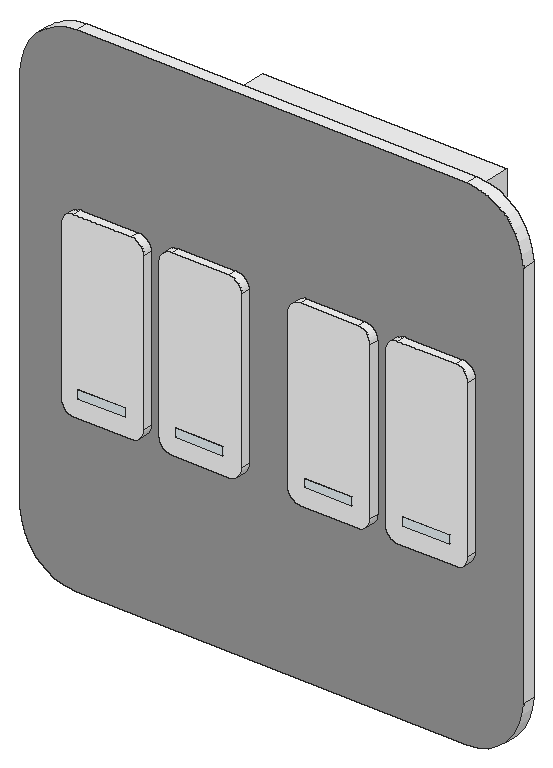
Revit family "EF_Veti-4x4-4-lever-Switch-Vertical", category Electrical Fixtures, Revit 2016
Family settings
  Maintain Annotation Orientation = No
  Part Type = Switch
  Round Connector Dimension = Use Diameter
  Work Plane-Based = No
  Always vertical = Yes
  Cut with Voids When Loaded = No
  Shared = No
  Room Calculation Point = No
Parameters (values of type "4 Lever Switch Vertical")
  Voltage_x = 220 V
  URL for TCP = "http://www.tcpbim.co.za"
  URL = "http://www.major-tech.com/15-veti"
  Type Comments = "Switches"
  Switch Voltage = Voltage_x  # 220 V
  Switch Height [instance] = 1200 mm
  Materials [instance] = 0 mm
  Manufacturer = "VETI"
  Made by = "Tolani Civil Projects cc"
  Load = 2860 VA
  Description = "4x4 4 Lever Switch Vertical"
  Amperage = 16 A
Reference planes
  plane 1 "Center (Front/Back)": y = 0
  plane 2: z = 0
  plane 3 "Center (Left/Right)": x = 0
Forms (mm)
  Extrusion 1, solid, material "Plastic White"
    sketch origin (-181.105, 75, 0) x (1, 0, 0) y (0, 0, 1)
      loop
        arc (103.605, 1400) -> (87.695, 1393.41) -> (81.105, 1377.5) r 22.5
        line (81.105, 1377.5) -> (81.105, 1222.5)
        arc (81.105, 1222.5) -> (87.695, 1206.59) -> (103.605, 1200) r 22.5
        line (103.605, 1200) -> (258.605, 1200)
        arc (258.605, 1200) -> (274.515, 1206.59) -> (281.105, 1222.5) r 22.5
        line (281.105, 1222.5) -> (281.105, 1377.5)
        arc (281.105, 1377.5) -> (274.515, 1393.41) -> (258.605, 1400) r 22.5
        line (258.605, 1400) -> (103.605, 1400)
    from 75 to 80
  Extrusion 2, solid, material "Plastic White"
    sketch origin (-166.105, 0, 0) x (-1, 0, 0) y (0, 0, 1)
      loop
        line (-214.439, 1370) -> (-214.439, 1360) -> (-117.772, 1360) -> (-117.772, 1370) -> (-214.439, 1370)
    from 0 to 51.204
Cuts and joins
  joined: Extrusion 1, Extrusion 2
Dimensions and locks
  Extrusion 1 sketch curve to Extrusion 1 sketch curve = 200 mm
  Extrusion 2 sketch curve to Extrusion 2 sketch curve to Extrusion 1 = 10 mm, 30 mm
  Extrusion 2 sketch curve to Extrusion 2 sketch curve = 96.667 mm
  cut or joined group of Extrusion 1, Extrusion 2 to cut or joined group of Extrusion 1, Extrusion 2 = 200 mm
  cut or joined group of Extrusion 1, Extrusion 2 to cut or joined group of Extrusion 1, Extrusion 2 to cut or joined group of Extrusion 1, Extrusion 2 to cut or joined group of Extrusion 1, Extrusion 2 = 30 mm locked, 10 mm locked, 160 mm locked
  cut or joined group of Extrusion 1, Extrusion 2 to cut or joined group of Extrusion 1, Extrusion 2 to cut or joined group of Extrusion 1, Extrusion 2 = 51.204 mm locked, 5 mm locked
  cut or joined group of Extrusion 1, Extrusion 2 to cut or joined group of Extrusion 1, Extrusion 2 = 96.667 mm
  locked: cut or joined group of Extrusion 1, Extrusion 2 to plane 1 "Center (Front/Back)"
  plane 3 "Center (Left/Right)" to Extrusion 1 sketch curve = 100 mm
  locked: plane 3 "Center (Left/Right)" to cut or joined group of Extrusion 1, Extrusion 2 at 48.333
  cut or joined group of Extrusion 1, Extrusion 2 to nested 5 to nested 4 to nested 3 to nested 2 to cut or joined group of Extrusion 1, Extrusion 2 = 63.509 mm locked, 61.475 mm locked, 3.5 mm locked, 7 mm locked, 64.516 mm locked
  nested 5 to nested 4 to plane 3 "Center (Left/Right)" to nested 3 to nested 2 = 38.893 mm locked, 41.955 mm locked, 41.928 mm locked, 38.893 mm locked
  "Switch Height": cut or joined group of Extrusion 1, Extrusion 2 to level
  aligned and locked: level to plane 2
  aligned and locked: nested 1 to plane 1 "Center (Front/Back)"
  aligned and locked: cut or joined group of Extrusion 1, Extrusion 2 to nested 2
  aligned and locked: nested 3 to cut or joined group of Extrusion 1, Extrusion 2
  aligned and locked: nested 4 to cut or joined group of Extrusion 1, Extrusion 2
  aligned and locked: nested 5 to cut or joined group of Extrusion 1, Extrusion 2
Automatic sketch dimensions
  Extrusion 1 sketch curve to plane 3 "Center (Left/Right)" = 77.5 mm
  plane 3 "Center (Left/Right)" to Extrusion 1 sketch curve = 77.5 mm  (x2)
  level to Extrusion 1 sketch curve = 1200 mm
  Extrusion 1 sketch curve to Extrusion 1 sketch curve = 22.5 mm  (x2)
  Extrusion 2 sketch curve to Extrusion 1 = 51.667 mm  (x2)
Nested families
  nested 1: "Power Point Test 1" at (0, 0, 0) x (-1, 0, 0) z (0, 0, 1), type "Receptacle Symbol"
  nested 2: "Switch 90°1" at (-64.433, -5, 164.453), type "Switch 90°"
  nested 3: "Switch 90°1" at (-25.54, -5, 164.453) x (-1, 0, 0) z (0, 0, 1), type "Switch 90°"
  nested 4: "Switch 90°1" at (25.567, -5, 164.453) x (-1, 0, 0) z (0, 0, 1), type "Switch 90°"
  nested 5: "Switch 90°1" at (64.46, -5, 164.453) x (-1, 0, 0) z (0, 0, 1), type "Switch 90°"
Connectors
  electrical at (0, 25.602, 1370), driven by "Voltage_x", driven by "Load"
    settings: on cut or joined group of Extrusion 1, Extrusion 2, index 4, voltage 220 V, apparent load 0 VA, apparent load phase1 2860 VA, apparent load phase2 0 VA, apparent load phase3 0 VA, power factor 1, load classification "Other", number of poles 1, system type 31, power factor state 1, is connector primary yes, connector utility no, sub classification motor no, connector description ""
  electrical at (0, 25.602, 1370), driven by "Voltage_x", driven by "Load"
    settings: on cut or joined group of Extrusion 1, Extrusion 2, index 5, voltage 220 V, apparent load 0 VA, apparent load phase1 2860 VA, apparent load phase2 0 VA, apparent load phase3 0 VA, power factor 1, load classification "Other", number of poles 1, system type 31, power factor state 1, is connector primary no, connector utility no, sub classification motor no, connector description ""
  electrical at (0, 25.602, 1370), driven by "Voltage_x", driven by "Load"
    settings: on cut or joined group of Extrusion 1, Extrusion 2, index 6, voltage 220 V, apparent load 0 VA, apparent load phase1 2860 VA, apparent load phase2 0 VA, apparent load phase3 0 VA, power factor 1, load classification "Other", number of poles 1, system type 31, power factor state 1, is connector primary no, connector utility no, sub classification motor no, connector description ""
  electrical at (0, 25.602, 1370), driven by "Voltage_x", driven by "Load"
    settings: on cut or joined group of Extrusion 1, Extrusion 2, index 7, voltage 220 V, apparent load 0 VA, apparent load phase1 2860 VA, apparent load phase2 0 VA, apparent load phase3 0 VA, power factor 1, load classification "Other", number of poles 1, system type 31, power factor state 1, is connector primary no, connector utility no, sub classification motor no, connector description ""
Definition of nested family "Switch 90°1"
  Reference planes
    plane 1 "Center (Front/Back)": y = 0
    plane 2: z = 0
    plane 3 "Center (Left/Right)": x = 0
  Forms (mm)
    Extrusion 1, solid
      sketch origin (-1136.248, 2.672, 1137.804) x (0, 0, -1) y (1, 0, 0)
        loop
          arc (-29.234, 1152.636) -> (-32.77, 1151.171) -> (-34.234, 1147.636) r 5
          line (-34.234, 1147.636) -> (-34.234, 1124.86)
          arc (-34.234, 1124.86) -> (-32.77, 1121.324) -> (-29.234, 1119.86) r 5
          line (-29.234, 1119.86) -> (32.741, 1119.86)
          arc (32.741, 1119.86) -> (36.277, 1121.324) -> (37.741, 1124.86) r 5
          line (37.741, 1124.86) -> (37.741, 1147.636)
          arc (37.741, 1147.636) -> (36.277, 1151.171) -> (32.741, 1152.636) r 5
          line (32.741, 1152.636) -> (-29.234, 1152.636)
      from 6.186 to 2.672
    Extrusion 2, solid
      sketch origin (-1136.051, 0, 1136.051) x (0, 0, -1) y (1, 0, 0)
        loop
          line (28.988, 1145.439) -> (25.488, 1145.439) -> (25.488, 1126.663) -> (28.988, 1126.663) -> (28.988, 1145.439)
      from 0 to 3.974
  Dimensions and locks
    aligned and locked: plane 2 to level
    aligned and locked: Extrusion 1 to plane 1 "Center (Front/Back)"
Definition of nested family "Power Point Test 1"
  Parameters
    Plug Point Height = 1200 mm
  Reference planes
    plane 1: y = 0
    plane 2: x = 0
  Lines and regions (mm)
    Filled region 1, type "Filled region 1"
      outline origin (0.028, 0.162, 0) x (1, 0, 0) y (0, 1, 0)
        loop
          circle (-0.012, 2.074) r 0.25
    detail lines
      curve 1: line (-0.442, -0.034, 0) -> (-0.442, 0.736, 0)
      curve 2: arc (1.505, 0.736, 0) -> (0.005, 2.236, 0) -> (-1.495, 0.736, 0) r 1.5
      curve 3: line (0.451, -0.034, 0) -> (0.451, 0.736, 0)
      curve 4: line (-1.495, 0.736, 0) -> (1.505, 0.736, 0)
      curve 5: line (0.005, 2.236, 0) -> (0.005, 3.953, 0)
      curve 6: line (0.005, 3.953, 0) -> (0.799, 3.953, 0)
      curve 7: line (0.005, 3.432, 0) -> (0.799, 3.432, 0)
      curve 8: line (0.005, 3.689, 0) -> (0.799, 3.689, 0)
      curve 9: line (0.005, 3.173, 0) -> (0.799, 3.173, 0)
  Text (mm)
    label "A" at (-2.189, 3.565, 0), shows "Plug Point Height"
    text "S4" at (-0.646, 1.988, 0)
  Dimensions and locks
    curve 1 to curve 3 = 0.893 mm
